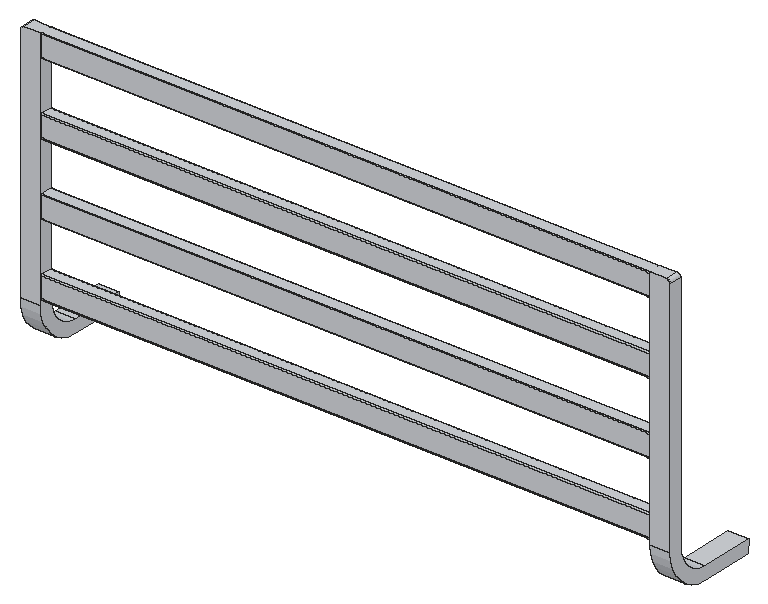
Revit family "Accessory-Towel_Bar-KOHLER-LOURE-K-11577T_1", category Specialty Equipment, host Face, Revit 2021
Family settings
  Host = Face
  Round Connector Dimension = Use Diameter
  Part Type = Normal
  OmniClass Number = 23.31.25.25
  OmniClass Title = Towel Bars
  Cut with Voids When Loaded = No
  Shared = No
  Room Calculation Point = No
Parameters (values of type "CP-Polished Chrome")
  Width = 11 3/128"  # constant formula
  WaterSense Certified = 1 = 0  # no
  URL = "http://www.kohler.com.cn/\r\nhttp://www.kohler.com.cn/\r\nhttp://www.kohler.com.cn/\r\nhttp://www.kohler.com.cn/\r\nhttp://www.kohler.com.cn/"
  Type = 1
  Product Page URL = "https://www.kohler.com.cn/product/K-11577T-CP/K-11577T-CP/"
  Product Name = "LOURE"  # constant formula
  Product Documentation Link = "https://files.kohler.com.cn/pdfs/loure_acc.pdf"
  Model = if(Type = 1, "K-11577T-CP", if(Type = 2, "K-11577T-BV", "NA"))  # "K-11577T-CP"
  Material = "Premium Metal Construction"  # constant formula
  Master Format 2014 Name = "Toilet, Bath, and Laundry Accessories"  # constant formula
  Master Format 2014 = "10 28 00"  # constant formula
  Manufacturer Address = "Kohler Beijing Office (100016) 36-2-03-B, No. 88, Liuxiang Road, Beijing"  # constant formula
  Manufacturer = "Kohler Co."  # constant formula
  Length = 24 211/256"  # constant formula
  Height = 3.74016"  # constant formula
  Finish = Kohler-Metal-CP-Polished_Chrome
  Environmental Product Declaration = ""
  Description = "HOTELIER/TOWEL SHELF"  # constant formula
  Default Elevation = 42"
  Declare Label = ""
  Date Modified = "08/02/2022"  # constant formula
  Date Created = "07/03/2020"  # constant formula
  Copyright = "Copyright Kohler Co."  # constant formula
  Contact Us = "http://www.kohler.com.cn/contact/contact-us/"
  Assembly Code = "C1030200"
  ADA Compliant = 1 = 0  # no
Types (3): name | Type | Product Page URL | Model | Finish
  (no name) | 1 | "https://www.kohler.com.cn/product/K-11577T-CP/K-11577T-CP/" | "K-11577T-CP" | Kohler-Metal-CP-Polished_Chrome
  CP-Polished Chrome | 1 | "https://www.kohler.com.cn/product/K-11577T-CP/K-11577T-CP/" | "K-11577T-CP" | Kohler-Metal-CP-Polished_Chrome
  BV-Brushed Bronze | 2 | "https://www.kohler.com.cn/product/K-11577T-CP/K-11577T-BV/" | "K-11577T-BV" | Kohler-Metal-BV-Brushed_Bronze
Reference planes (in)
  plane 1 "Center (Front/Back)": y = 0
  plane 2: z = 0
  plane 3 "Center (Left/Right)": x = 0
  plane 4: x = -12.00787
  plane 5: x = -12.41272
  plane 6: x = -11.60303
  plane 7: x = 11.60303
  plane 8: x = 12.4115
  plane 9: y = 3.74016
  plane 10: x = 12.00787
  plane 11: z = 11.02344
  plane 12: y = 0.50197
  plane 13: z = 0.50689
  plane 14: y = 1.87008
Dimensions and locks (in)
  "Height": plane 1 "Center (Front/Back)" to plane 9
  "Length": plane 5 to plane 8
  "Width": plane 11 to level
  plane 4 to plane 10 = 24.01575"
  locked: plane 9 to plane 14 at 1.87008
  aligned and locked: plane 2 to host face
  aligned and locked: level to host face
Automatic sketch dimensions
  host sketch curve to host sketch curve = 96"  (x2)
Nested families (in)
  nested 1: "K-11577T" at (0, 0, 0), type "K-11577T"
Definition of nested family "K-11577T"
  Parameters
    Material = none
    Default Elevation = 0"
  Reference planes (in)
    plane 1 "Center (Front/Back)": y = 0
    plane 2: z = 0
    plane 3 "Center (Left/Right)": x = 0
    plane 4: x = -12.00787
    plane 5: x = 12.00787
    plane 6: y = 3.74016
    plane 7: z = 11.02362
    plane 8: x = -12.41272
    plane 9: x = 12.41272
    plane 10: y = 0.50197
    plane 11: z = 0.50689
    plane 12: x = 11.60303
    plane 13: x = -11.60303
  Forms (in)
    Extrusion 1, solid, material <- "Material", detail levels medium+fine
      sketch origin (0, 0, 0) x (0, 1, 0) y (0, 0, 1)
        loop
          line (3.74016, 0) -> (3.74016, 0.50689) -> (1.67827, 0.50689)
          arc (1.67827, 0.50689) -> (0.8465, 0.85142) -> (0.50197, 1.6832) r 1.17631
          line (0.50197, 1.6832) -> (0.50197, 11.01181) -> (0, 11.01181) -> (0, 1.68845)
          arc (0, 1.68845) -> (0.49454, 0.49454) -> (1.68845, 0) r 1.68845
          line (1.68845, 0) -> (3.74016, 0)
      from 11.645 to 12.41272
    Extrusion 2, solid, material <- "Material", detail levels medium+fine
      sketch origin (0, 0, 0) x (0, 1, 0) y (0, 0, -1)
        loop
          line (3.74016, 0) -> (1.68845, 0)
          arc (1.68845, 0) -> (0.49454, -0.49454) -> (0, -1.68845) r 1.68845
          line (0, -1.68845) -> (0, -11.01181) -> (0.50197, -11.01181) -> (0.50197, -1.6832)
          arc (0.50197, -1.6832) -> (0.8465, -0.85142) -> (1.67827, -0.50689) r 1.17631
          line (1.67827, -0.50689) -> (3.74016, -0.50689) -> (3.74016, 0)
      from 11.645 to 12.41272
    Extrusion 3, solid, material <- "Material", detail levels medium+fine
      sketch origin (0, 0, 0) x (0, 1, 0) y (0, 0, 1)
        loop
          line (0.46063, 11.01181) -> (0.03937, 11.01181)
          arc (0.03937, 11.01181) -> (0.0171, 11.00259) -> (0.00787, 10.98031) r 0.0315
          line (0.00787, 10.98031) -> (0.00787, 10.17665)
          arc (0.00787, 10.17665) -> (0.0171, 10.15438) -> (0.03937, 10.14515) r 0.0315
          line (0.03937, 10.14515) -> (0.46063, 10.14515)
          arc (0.46063, 10.14515) -> (0.4829, 10.15438) -> (0.49213, 10.17665) r 0.0315
          line (0.49213, 10.17665) -> (0.49213, 10.98031)
          arc (0.49213, 10.98031) -> (0.4829, 11.00259) -> (0.46063, 11.01181) r 0.0315
        loop
          line (0.46063, 8.25591) -> (0.03937, 8.25591)
          arc (0.03937, 8.25591) -> (0.0171, 8.24668) -> (0.00787, 8.22441) r 0.0315
          line (0.00787, 8.22441) -> (0.00787, 7.42075)
          arc (0.00787, 7.42075) -> (0.0171, 7.39847) -> (0.03937, 7.38925) r 0.0315
          line (0.03937, 7.38925) -> (0.46063, 7.38925)
          arc (0.46063, 7.38925) -> (0.4829, 7.39847) -> (0.49213, 7.42075) r 0.0315
          line (0.49213, 7.42075) -> (0.49213, 8.22441)
          arc (0.49213, 8.22441) -> (0.4829, 8.24668) -> (0.46063, 8.25591) r 0.0315
        loop
          line (0.46063, 5.5) -> (0.03937, 5.5)
          arc (0.03937, 5.5) -> (0.0171, 5.49078) -> (0.00787, 5.4685) r 0.0315
          line (0.00787, 5.4685) -> (0.00787, 4.66484)
          arc (0.00787, 4.66484) -> (0.0171, 4.64257) -> (0.03937, 4.63334) r 0.0315
          line (0.03937, 4.63334) -> (0.46063, 4.63334)
          arc (0.46063, 4.63334) -> (0.4829, 4.64257) -> (0.49213, 4.66484) r 0.0315
          line (0.49213, 4.66484) -> (0.49213, 5.4685)
          arc (0.49213, 5.4685) -> (0.4829, 5.49078) -> (0.46063, 5.5) r 0.0315
        loop
          line (0.46063, 2.74409) -> (0.03937, 2.74409)
          arc (0.03937, 2.74409) -> (0.0171, 2.73487) -> (0.00787, 2.7126) r 0.0315
          line (0.00787, 2.7126) -> (0.00787, 1.90893)
          arc (0.00787, 1.90893) -> (0.0171, 1.88666) -> (0.03937, 1.87744) r 0.0315
          line (0.03937, 1.87744) -> (0.46063, 1.87744)
          arc (0.46063, 1.87744) -> (0.4829, 1.88666) -> (0.49213, 1.90893) r 0.0315
          line (0.49213, 1.90893) -> (0.49213, 2.7126)
          arc (0.49213, 2.7126) -> (0.4829, 2.73487) -> (0.46063, 2.74409) r 0.0315
      from -11.99383 to 12.08318
    Sweep 4, void
      path origin (0, 0, 0) x (0, 1, 0) y (0, 0, 1)
        loop
          line (0.50197, 11.01181) -> (0, 11.01181)
      profile origin (0, 0.25098, 11.01181) x (0, 0, -1) y (1, 0, 0)
        loop
          line (-0.06412, -12.52441) -> (0.37251, -12.52441) -> (0.37251, -12.41272) -> (0.14032, -12.41272)
          arc (0.14032, -12.41272) -> (0.0411, -12.37162) -> (0, -12.2724) r 0.14032
          line (0, -12.2724) -> (0, -12.04645) -> (-0.06412, -12.04645) -> (-0.06412, -12.52441)
        loop
          line (-0.06412, 12.52441) -> (-0.06412, 12.04645) -> (0, 12.04645) -> (0, 12.2724)
          arc (0, 12.2724) -> (0.0411, 12.37162) -> (0.14032, 12.41272) r 0.14032
          line (0.14032, 12.41272) -> (0.37251, 12.41272) -> (0.37251, 12.52441) -> (-0.06412, 12.52441)
    Extrusion 5, solid, material <- "Material", detail levels coarse
      sketch origin (0, 0, 0) x (0, 1, 0) y (0, 0, 1)
        loop
          line (0.50197, 11.01181) -> (0, 11.01181) -> (0, 10.14564) -> (0.50197, 10.14564) -> (0.50197, 11.01181)
        loop
          line (0.50197, 8.24872) -> (0, 8.24872) -> (0, 7.38845) -> (0.50197, 7.38845) -> (0.50197, 8.24872)
        loop
          line (0.50197, 5.50433) -> (0, 5.50433) -> (0, 4.63222) -> (0.50197, 4.63222) -> (0.50197, 5.50433)
        loop
          line (0.50197, 2.74155) -> (0, 2.74155) -> (0, 1.871) -> (0.50197, 1.871) -> (0.50197, 2.74155)
      from -11.96375 to 12.02009
    Extrusion 6, solid, material <- "Material", detail levels coarse
      sketch origin (0, 0, 0) x (0, 1, 0) y (0, 0, 1)
        loop
          line (3.74016, 0) -> (3.74016, 0.50689) -> (0.50197, 0.50689) -> (0.50197, 11.01181) -> (0, 11.01181) -> (0, 0) -> (3.74016, 0)
      from 11.645 to 12.41272
    Extrusion 7, solid, material <- "Material", detail levels coarse
      sketch origin (0, 0, 0) x (0, 1, 0) y (0, 0, 1)
        loop
          line (0.50197, 11.01181) -> (0, 11.01181) -> (0, 0) -> (3.74016, 0) -> (3.74016, 0.50689) -> (0.50197, 0.50689) -> (0.50197, 11.01181)
      from -12.41272 to -11.645
  Cuts and joins
    Sweep 4 cuts Extrusion 1
    Sweep 4 cuts Extrusion 2
    Sweep 4 cuts Extrusion 3
    joined: Extrusion 1, Extrusion 2, Extrusion 3
    joined: Extrusion 5, Extrusion 6, Extrusion 7
  Lines and regions (in)
    Masking region 1
      outline origin (0, 0, 0) x (1, 0, 0) y (0, 0, 1)
        loop
          line (12.41272, 0) -> (12.41272, 10.88382)
          arc (12.41272, 10.88382) -> (12.37177, 10.98267) -> (12.27291, 11.02362) r 0.1398
          line (12.27291, 11.02362) -> (-12.27291, 11.02362)
          arc (-12.27291, 11.02362) -> (-12.37177, 10.98267) -> (-12.41272, 10.88382) r 0.1398
          line (-12.41272, 10.88382) -> (-12.41272, 0) -> (-11.60303, 0) -> (-11.60303, 1.87744) -> (11.60303, 1.87744) -> (11.60303, 0) -> (12.41272, 0)
        loop
          line (11.60303, 8.25591) -> (11.60303, 10.14515) -> (-11.60303, 10.14515) -> (-11.60303, 8.25591) -> (11.60303, 8.25591)
        loop
          line (-11.60303, 7.38925) -> (-11.60303, 5.5) -> (11.60303, 5.5) -> (11.60303, 7.38925) -> (-11.60303, 7.38925)
        loop
          line (-11.60303, 4.63334) -> (-11.60303, 2.74409) -> (11.60303, 2.74409) -> (11.60303, 4.63334) -> (-11.60303, 4.63334)
    Masking region 2
      outline origin (0, 0, 0) x (1, 0, 0) y (0, 1, 0)
        loop
          line (-12.41272, 0) -> (12.41272, 0) -> (12.41272, 3.74016) -> (11.60303, 3.74016) -> (11.60303, 0.50197) -> (-11.60303, 0.50197) -> (-11.60303, 3.74016) -> (-12.41272, 3.74016) -> (-12.41272, 0)
    Masking region 3
      outline origin (0, 0, 0) x (0, 1, 0) y (0, 0, 1)
        loop
          line (0.50197, 11.02362) -> (0, 11.02362) -> (0, 1.69052)
          arc (0, 1.69052) -> (0.49514, 0.49514) -> (1.69052, 0) r 1.69052
          line (1.69052, 0) -> (3.74016, 0) -> (3.74016, 0.50689) -> (1.67984, 0.50689)
          arc (1.67984, 0.50689) -> (0.84696, 0.85188) -> (0.50197, 1.68476) r 1.17787
          line (0.50197, 1.68476) -> (0.50197, 11.02362)
    symbolic lines, detail levels medium+fine
      curve 1: line (11.60303, 0, 8.25591) -> (11.60303, 0, 7.38925)
      curve 2: line (11.60303, 0, 5.5) -> (11.60303, 0, 4.63334)
      curve 3: line (11.60303, 0, 2.74409) -> (11.60303, 0, 1.87744)
      curve 4: line (-11.60303, 0, 8.25591) -> (-11.60303, 0, 7.38925)
      curve 5: line (-11.60303, 0, 5.5) -> (-11.60303, 0, 4.63334)
      curve 6: line (-11.60303, 0, 2.74409) -> (-11.60303, 0, 1.87744)
      curve 7: line (11.60303, 0, 11.02362) -> (11.60303, 0, 10.14515)
      curve 8: line (-11.60303, 0, 11.02362) -> (-11.60303, 0, 10.14515)
      curve 9: line (12.41272, 0, 0.50689) -> (11.60303, 0, 0.50689)
      curve 10: line (-12.41272, 0, 0.50689) -> (-11.60303, 0, 0.50689)
      curve 11: line (-12.41272, 0.50197, 0) -> (-11.60303, 0.50197, 0)
      curve 12: line (11.60303, 0.50197, 0) -> (12.41272, 0.50197, 0)
      curve 13: line (-11.60303, 0, 0) -> (-11.60303, 0.50197, 0)
      curve 14: line (11.60303, 0, 0) -> (11.60303, 0.50197, 0)
  Dimensions and locks (in)
    plane 7 to level = 11.02362"  (x2)
    level to plane 7 = 11.02362"
    plane 4 to plane 5 = 24.01575"  (x2)
    plane 6 to plane 1 "Center (Front/Back)" = 3.74016"
    plane 1 "Center (Front/Back)" to plane 6 = 3.74016"
    aligned and locked: plane 2 to level
    aligned and locked: Masking region 1 sketch curve to Masking region 1 sketch curve
